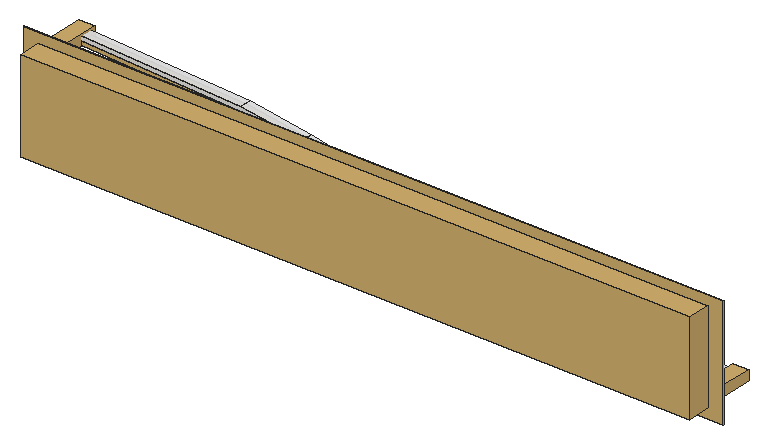
Revit family "3-5006-xx Hyperion Wall Sconce", category Luminarias, Revit 2021
Family settings
  Anfitrión = Muro
  Cota de conector redondo = Diámetro de uso
  Tipo de pieza = Normal
  Número OmniClass = 23.80.70.00
  Título OmniClass = Lighting
  Siempre vertical = Sí
  Corte con vacíos al cargar = No
  Origen de luz = Sí
  Compartido = No
  Punto de cálculo de habitación = No
Parameters (values of type "3-5006-40 / Aged Brass - Matte White Acrylic")
  Ángulo de inclinación = 0.00°  # constant formula
  Elevación por defecto = 0 mm
  Diffuser = Matte White Acrylic
  Comentarios de vataje = "1 x 12.0 W at 120 V"  # constant formula
  Wattage = 15.33 W
  built-in parameter 1150110 = 1 (stored number, unit not read)
  Voltage Input = "120 V or 277 V - 50/60 Hz"  # constant formula
  Voltage = 120 V
  URL = "www.oxygenlighting.com"
  built-in parameter 1114217 = 1 (stored number, unit not read)
  built-in parameter 1150109 = 1 (stored number, unit not read)
  built-in parameter 1150134 = (empty or 0)
  built-in parameter 1150113 = 1 (stored number, unit not read)
  References = "Ref. 3 = 120 V / Ref. 37 = 277 V"  # constant formula
  Modelo = "3-5006-xx / Hyperion Wall Sconce"  # constant formula
  Metal Finish 1 = 40 - Aged Brass
  Fabricante = "Oxygen Lighting and Fans"  # constant formula
  Lumens = 1068.5 lm
  built-in parameter 1150115 = 1 (stored number, unit not read)
  built-in parameter 1150105 = 85.029 (stored number, unit not read)
  built-in parameter 1150137 = (empty or 0)
  built-in parameter 1150139 = (empty or 0)
  built-in parameter 1150112 = 1 (stored number, unit not read)
  built-in parameter 1150114 = 1 (stored number, unit not read)
  Lámpara = "LED Array"  # constant formula
  built-in parameter 1150132 = (empty or 0)
  built-in parameter 1150102 = (empty or 0)
  built-in parameter 1150138 = (empty or 0)
  built-in parameter 1150107 = 3000 (stored number, unit not read)
  built-in parameter 1150106 = 0.85029 (stored number, unit not read)
  built-in parameter 1150104 = 6.4753 (stored number, unit not read)
  Dimming Lamp Color Temperature Shift = (empty or 0)
  Color Filter = 16777215
  built-in parameter 1114218 = 1 (stored number, unit not read)
  Archivo de red fotométrica = "3-5007-20 Hyperion 34.ies"
  built-in parameter 1150133 = 10 (stored number, unit not read)
Types (3, lengths in mm): name | Metal Finish 1 | Lumens | built-in parameter 1150105 | built-in parameter 1150106 | built-in parameter 1150104
  3-5006-20 / Polished Nickel - Matte White Acrylic | 20 - Polished Nickel | 1068.5 lm | 85.029 (stored number, unit not read) | 0.85029 (stored number, unit not read) | 6.4753 (stored number, unit not read)
  3-5006-15 / Black - Matte White Acrylic | 15 - Black | 1066.97 lm | 84.907 (stored number, unit not read) | 0.84907 (stored number, unit not read) | 6.4661 (stored number, unit not read)
  3-5006-40 / Aged Brass - Matte White Acrylic | 40 - Aged Brass | 1068.5 lm | 85.029 (stored number, unit not read) | 0.85029 (stored number, unit not read) | 6.4753 (stored number, unit not read)
Reference planes
  plane 1: y = 0
  plane 2 "Light Source Axis (L/R)": x = 125
  plane 3 "Light Source Axis (F/R)": y = 142.5
  plane 4 "Light Source Elevation": z = 1300.131
  plane 5: y = 75
  plane 6: z = 1216.26
Text (mm)
  text "Placement side" at (-1787.139, 1116.779, 0), in view "Ref. Level"
  text "Placement side" at (0, 2110.396, 2986.058), in view "Left"
  text "Placement side" at (0, 628.478, 3011.967), in view "Right"
Dimensions and locks
  locked: plane 3 "Light Source Axis (F/R)" to plane 5 at 67.5
  locked: plane 6 to plane 4 "Light Source Elevation" at 83.871
  aligned and locked: plane 1 to host wall
  aligned and locked: plane 4 "Light Source Elevation" to imposter light
  aligned and locked: plane 5 to host wall
  aligned and locked: plane 2 "Light Source Axis (L/R)" to imposter light
  aligned and locked: plane 3 "Light Source Axis (F/R)" to imposter light
  aligned and locked: plane 5 to nested 1
  aligned and locked: nested 1 to plane 6
Nested families
  nested 1: "Family1" at (125, 75, 1303.255) x (-1, 0, 0) z (0, 0, 1), type "Family1"
Definition of nested family "Family1"
  Parameters (values of type "Family1")
    Metal finish 2 = none
    Metal Finish 1 = none
    Default Elevation = 0 mm
    Diffuser = none
  Reference planes
    plane 1 "Center (Front/Back)": y = 0
    plane 2: z = 0
    plane 3 "Center (Left/Right)": x = 0
  Forms (mm)
    Extrusion 1, solid, material <- "Metal Finish 1"
      sketch origin (0, 0, 0) x (1, 0, 0) y (0, 0, 1)
        loop
          line (-549.021, 86.995) -> (-549.021, -86.995) -> (549.021, -86.995) -> (549.021, 86.995) -> (-549.021, 86.995)
      from 36.068 to 37.211
    Extrusion 2, solid, material <- "Metal Finish 1"
      sketch origin (0, 0, 0) x (1, 0, 0) y (0, 1, 0)
        loop
          line (-525.018, 0) -> (-525.018, -36.068) -> (525.018, -36.068) -> (525.018, 0) -> (-525.018, 0)
      from -72.009 to 72.009
    Extrusion 3, solid, material <- "Metal Finish 1"
      sketch origin (0, 0, 0) x (1, 0, 0) y (0, 1, 0)
        loop
          line (-525.018, -37.211) -> (-525.018, -52.832) -> (-501.015, -52.832) -> (-501.015, -37.211) -> (-525.018, -37.211)
        loop
          line (501.015, -37.211) -> (501.015, -52.832) -> (525.018, -52.832) -> (525.018, -37.211) -> (501.015, -37.211)
      from -72.009 to 72.009
    Extrusion 4, solid, material <- "Diffuser"
      sketch origin (0, 0, 0) x (1, 0, 0) y (0, 0, 1)
        loop
          line (-501.015, -54.991) -> (-501.015, -61.991) -> (-437.769, -61.991)
          arc (-437.769, -61.991) -> (-292.281, -56.91) -> (-147.501, -41.694) r 2085.66
          arc (-147.501, -41.694) -> (-82.804, -29.697) -> (-19.401, -12.096) r 752.791
          arc (-19.401, -12.096) -> (66.388, 16.762) -> (155.111, 34.672) r 722.747
          arc (155.111, 34.672) -> (203.01, 42.648) -> (251.277, 47.962) r 877.28
          arc (251.277, 47.962) -> (376.044, 56.078) -> (501.015, 59.942) r 3672.407
          line (501.015, 59.942) -> (501.015, 66.943)
          arc (501.015, 66.943) -> (375.757, 63.072) -> (250.704, 54.939) r 3679.407
          arc (250.704, 54.939) -> (202.149, 49.596) -> (153.963, 41.58) r 884.28
          arc (153.963, 41.58) -> (64.604, 23.531) -> (-21.807, -5.518) r 729.747
          arc (-21.807, -5.518) -> (-84.503, -22.905) -> (-148.475, -34.762) r 745.791
          arc (-148.475, -34.762) -> (-292.769, -49.927) -> (-437.769, -54.991) r 2078.66
          line (-437.769, -54.991) -> (-501.015, -54.991)
      from 89.408 to 108.585
    Extrusion 5, solid, material <- "Diffuser"
      sketch origin (0, 0, 0) x (1, 0, 0) y (0, 0, 1)
        loop
          arc (-501.414, 47.744) -> (-385.859, 46.958) -> (-270.53, 39.703) r 2062.924
          arc (-270.53, 39.703) -> (-140.014, 22.284) -> (-11.412, -5.986) r 1573.62
          arc (-11.412, -5.986) -> (79.826, -32.562) -> (172.288, -54.507) r 1885.483
          arc (172.288, -54.507) -> (206.604, -60.707) -> (241.223, -64.902) r 599.672
          arc (241.223, -64.902) -> (265.447, -66.29) -> (289.71, -66.017) r 354.196
          line (289.71, -66.017) -> (501.015, -66.017) -> (501.015, -47.017) -> (289.271, -47.017)
          arc (289.271, -47.017) -> (266.097, -47.3) -> (242.959, -45.981) r 335.196
          arc (242.959, -45.981) -> (209.437, -41.919) -> (176.208, -35.916) r 580.672
          arc (176.208, -35.916) -> (84.448, -14.131) -> (-6.095, 12.261) r 1866.483
          arc (-6.095, 12.261) -> (-136.478, 40.953) -> (-268.806, 58.625) r 1592.62
          arc (-268.806, 58.625) -> (-384.997, 65.939) -> (-501.414, 66.748) r 2081.924
          line (-501.414, 66.748) -> (-501.414, 47.744)
      from 37.211 to 48.641
    Extrusion 6, solid, material <- "Metal Finish 1"
      sketch origin (0, 0, 0) x (1, 0, 0) y (0, 1, 0)
        loop
          line (-525.018, -52.832) -> (-525.018, -115.316) -> (-501.015, -115.316) -> (-501.015, -52.832) -> (-525.018, -52.832)
      from -69.205 to -52.959
    Extrusion 7, solid, material <- "Metal Finish 1"
      sketch origin (0, 0, 0) x (1, 0, 0) y (0, 1, 0)
        loop
          line (501.015, -52.832) -> (501.015, -115.316) -> (525.018, -115.316) -> (525.018, -52.832) -> (501.015, -52.832)
      from 53.333 to 69.988
    Extrusion 8, solid, material <- "Metal Finish 1"
      sketch origin (0, 0, 0) x (1, 0, 0) y (0, 0, 1)
        loop
          line (501.015, 54.942) -> (501.015, 59.942)
          arc (501.015, 59.942) -> (376.044, 56.078) -> (251.277, 47.962) r 3672.407
          arc (251.277, 47.962) -> (203.01, 42.648) -> (155.111, 34.672) r 877.28
          arc (155.111, 34.672) -> (66.388, 16.762) -> (-19.401, -12.096) r 722.747
          arc (-19.401, -12.096) -> (-82.804, -29.697) -> (-147.501, -41.694) r 752.791
          arc (-147.501, -41.694) -> (-292.281, -56.91) -> (-437.769, -61.991) r 2085.66
          line (-437.769, -61.991) -> (-501.015, -61.991) -> (-501.015, -66.991) -> (-437.769, -66.991)
          arc (-437.769, -66.991) -> (-291.932, -61.898) -> (-146.805, -46.645) r 2090.66
          arc (-146.805, -46.645) -> (-81.589, -34.548) -> (-17.681, -16.795) r 757.791
          arc (-17.681, -16.795) -> (67.662, 11.927) -> (155.93, 29.737) r 717.747
          arc (155.93, 29.737) -> (203.625, 37.686) -> (251.686, 42.979) r 872.28
          arc (251.686, 42.979) -> (376.249, 51.082) -> (501.015, 54.942) r 3667.407
      from 89.408 to 108.585
  Cuts and joins
    joined: Extrusion 3, Extrusion 6, Extrusion 7
  Dimensions and locks
    aligned and locked: level to plane 2
